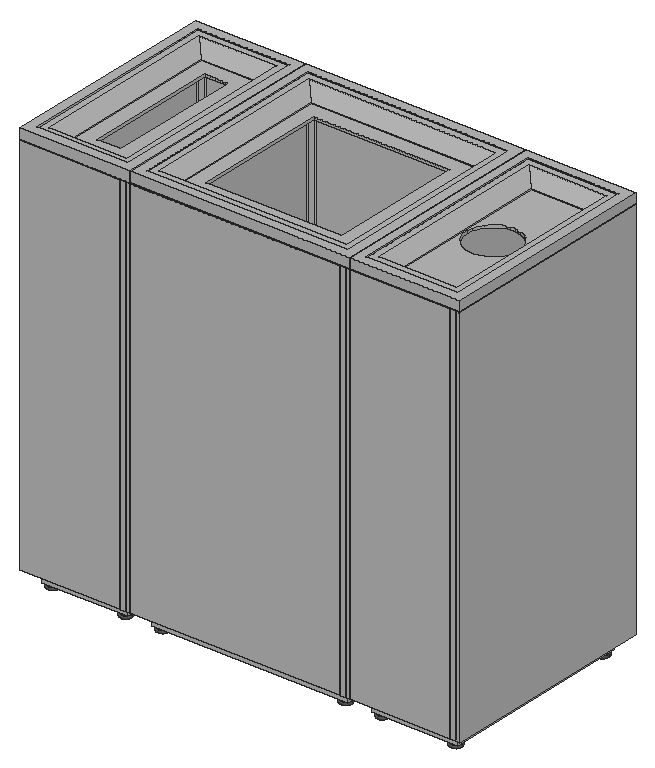
Revit family "REVIT-MG-1060-Valuta-", category Furniture, Revit 2016 (continued)
Definition of nested family "Magnuson-Valuta_1818L"
  Dimensions and locks (in)
    aligned and locked: Sweep 4 sketch curve to plane 4
    aligned and locked: plane 3 "Center (Left/Right)" to nested 1
    aligned and locked: plane 15 to Revolve 5 sketch curve
    aligned and locked: Revolve 5 sketch curve to plane 15
    aligned and locked: Revolve 8 sketch curve to plane 16
    aligned and locked: plane 16 to Revolve 8 sketch curve
    aligned and locked: plane 15 to Revolve 11 sketch curve
    aligned and locked: Revolve 11 sketch curve to plane 15
    aligned and locked: Revolve 12 sketch curve to plane 16
    aligned and locked: plane 16 to Revolve 12 sketch curve
    aligned and locked: curve 1 to Sweep 4
    aligned and locked: curve 2 to Sweep 4
    aligned and locked: curve 3 to Sweep 4
    aligned and locked: curve 4 to Sweep 4
    aligned and locked: curve 5 to Sweep 4
    aligned and locked: curve 6 to Sweep 4
    aligned and locked: curve 7 to Sweep 4
    aligned and locked: curve 8 to Sweep 4
    aligned and locked: curve 9 to Sweep 4
    aligned and locked: curve 10 to Sweep 4
    aligned and locked: curve 11 to Sweep 4
    aligned and locked: curve 12 to Sweep 4
    aligned and locked: curve 13 to Sweep 4
    aligned and locked: curve 14 to Sweep 4
    aligned and locked: curve 15 to Sweep 4
    aligned and locked: curve 16 to Sweep 4
    aligned and locked: curve 17 to Sweep 4
    aligned and locked: curve 18 to Sweep 4
    aligned and locked: plane 15 to curve 19
    aligned and locked: plane 13 to curve 19
    aligned and locked: plane 16 to curve 20
    aligned and locked: plane 13 to curve 20
    aligned and locked: plane 14 to curve 21
    aligned and locked: plane 15 to curve 21
    aligned and locked: plane 16 to curve 22
    aligned and locked: plane 14 to curve 22
    aligned and locked: plane 17 to Sweep 4 sketch curve
    aligned and locked: Extrusion 1 to plane 17
    aligned and locked: Sweep 2 sketch curve to plane 10
    aligned and locked: plane 3 "Center (Left/Right)" to nested 2
    aligned and locked: plane 8 to nested 2
    aligned and locked: plane 5 to nested 2
    aligned and locked: plane 3 "Center (Left/Right)" to Extrusion 14 sketch curve
    aligned and locked: Extrusion 14 to plane 8
    aligned and locked: curve 31 to Extrusion 14
    aligned and locked: curve 32 to Extrusion 14
    aligned and locked: curve 33 to Extrusion 1
    aligned and locked: curve 34 to Extrusion 1
  Automatic sketch dimensions
    Extrusion 1 sketch curve to plane 4 = 0"
    plane 5 to Extrusion 1 sketch curve = 0"
    Extrusion 1 sketch curve to plane 6 = 0.035"
    Extrusion 1 sketch curve to Extrusion 1 sketch curve = 0.04443"
    Extrusion 1 sketch curve to Extrusion 1 sketch curve = 0.02452"
    Sweep 2 sketch curve to plane 15 = 1/2"
    Sweep 2 sketch curve to plane 16 = 1/2"
    plane 14 to Sweep 2 sketch curve = 1/2"
    plane 13 to Sweep 2 sketch curve = 1/2"
    profile plane to Sweep 2 sketch curve = 1"
    Revolve 5 sketch curve to level = 0"
    level to Revolve 5 sketch curve = 0.08"
    plane 9 to Revolve 5 sketch curve = 0.275"
    Revolve 5 sketch curve to Revolve 5 sketch curve = 0.81571"
    plane 11 to Revolve 5 sketch curve = 0.99907"
    Revolve 8 sketch curve to level = 0"
    level to Revolve 8 sketch curve = 0.08"
    plane 9 to Revolve 8 sketch curve = 0.275"
    Revolve 8 sketch curve to Revolve 8 sketch curve = 0.81571"
    plane 11 to Revolve 8 sketch curve = 0.99907"
    Revolve 11 sketch curve to level = 0"
    Revolve 11 sketch curve to Revolve 11 sketch curve = 0.08"
    Revolve 11 sketch curve to plane 9 = 0.275"
    level to Revolve 11 sketch curve = 0.81571"
    Revolve 11 sketch curve to plane 11 = 0.99907"
    Revolve 12 sketch curve to level = 0"
    Revolve 12 sketch curve to Revolve 12 sketch curve = 0.08"
    Revolve 12 sketch curve to plane 9 = 0.275"
    level to Revolve 12 sketch curve = 0.81571"
    Revolve 12 sketch curve to plane 11 = 0.99907"
    profile plane to Sweep 4 sketch curve = 0"
    Sweep 4 sketch curve to profile plane = 3/4"
    Sweep 4 sketch curve to Sweep 4 sketch curve = 0.55862"
    Sweep 4 sketch curve to Sweep 4 sketch curve = 0.40965"
    Sweep 4 sketch curve to Sweep 4 sketch curve = 0.39209"
    Sweep 4 sketch curve to Sweep 4 sketch curve = 0.09326"
    Sweep 4 sketch curve to Sweep 4 sketch curve = 0.09065"
    Sweep 4 sketch curve to profile plane = 1/16"
    Sweep 4 sketch curve to Sweep 4 sketch curve = 1/16"
    curve 9 to plane 14 = 0.56544"
    curve 12 to curve 12 = 0.29638"
    radius of Extrusion 14 sketch curve = 1/4"
    radius of curve 19 = 0.50866"
    radius of curve 20 = 0.50866"
    radius of curve 21 = 0.50866"
    radius of curve 22 = 0.50866"
  Nested families (in)
    nested 1: "Laminate" at (0, 0, 0), Top Finish <- "Top Finish", Width <- "Width", Height <- "Height", Depth <- "Depth", Paper 45° <- "Paper 45°", Laminate <- "Laminate", Paper/Circle <- "Paper/Circle", Paper <- "Paper", Circle <- "Circle", Waste <- "Waste", Paper 45°/Circle <- "Paper/Circle 45°", Security <- "Security", Security 45° <- "Security 45°", type "Laminate"
      with Width Waste 15", Width Sec 45° 60", Width Sec 50", Width Paper 45° 40", Width Paper 30", Width Circle 0", Width 18", Waste no, W Wasted 11 1/16", Top Finish none, Security 45° no, Security no, Paper/Circle no, Paper 45°/Circle no, Paper 45° no, Paper no, P2 no, P1 no, Linea PC45° 20", Linea PC 30", Laminate yes, Height 33 3/4", Dist Waste 10", Dist Sec 45° 10", Dist Sec 10", Dist Paper 45° 10", Dist Paper 10", Dist Circle 30", Depth 18", D Wasted 11 1/16", Circle yes, C1 yes
    nested 2: "Sign Holder" at (0, 9, -6.69357), Support Finish <- "Support Finish", Sign Holder Acrylic <- "Sign Holder Acrylic", Sign Holder Magnetic <- "Sign Holder Magnetic", Acrylic Finish <- "Acrylic Finish", Magnetic Finish <- "Magnetic Finish", type "Sign Holder"
      with Support Finish none, Sign Holder Magnetic no, Sign Holder Acrylic no, Magnetic Finish none, Acrylic Finish none
  Definition of nested family "Laminate"
    Parameters (values of type "Laminate")
      Width Waste [instance] = if(Waste, 0", 15")  # 15"
      Width Sec 45° [instance] = if(Security 45°, 0", 60")  # 60"
      Width Sec [instance] = if(Security, 0", 50")  # 50"
      Width Paper 45° [instance] = if(or([Paper 45°/Circle], Paper 45°), 0", 40")  # 40"
      Width Paper [instance] = if(or([Paper/Circle], Paper), 0", 30")  # 30"
      Width Circle [instance] = if(or([Paper/Circle], [Paper 45°/Circle], Circle), 0", 25")  # 25"
      Width [instance] = 18"
      Waste [instance] = no
      W Wasted [instance] = if(and(Width = 14", Depth = 18"), 7 1/8", 11 1/16")  # 11 1/16"
      Top Finish [instance] = none
      Security 45° [instance] = no
      Security [instance] = no
      Paper 45°/Circle [instance] = no
      Paper 45° [instance] = no
      P2 [instance] = Paper  # no
      P1 [instance] = Paper 45°  # no
      Linea PC45° [instance] = if([Paper 45°/Circle], 0", 20")  # 20"
      Linea PC [instance] = if([Paper/Circle], 0", 30")  # 30"
      Laminate [instance] = no
      URL = ""
      Type Comments = ""
      Paper/Circle [instance] = no
      Paper [instance] = no
      Model = ""
      Manufacturer = ""
      Keynote = ""
      Height [instance] = 26 1/8"
      Dist Waste [instance] = if(Waste, 30", 10")  # 10"
      Dist Sec 45° [instance] = if(Security 45°, 30", 10")  # 10"
      Dist Sec [instance] = if(Security, 30", 10")  # 10"
      Dist Paper [instance] = if(or([Paper/Circle], Paper), 30", 10")  # 10"
      Dist Paper 45° [instance] = if(or([Paper 45°/Circle], Paper 45°), 30", 10")  # 10"
      Dist Circle [instance] = if(or([Paper/Circle], [Paper 45°/Circle], Circle), 30", 10")  # 10"
      Description = ""
      Depth [instance] = 18"
      D Wasted [instance] = if(and(Width = 14", Depth = 18"), 11 1/4", 11 1/16")  # 11 1/16"
      Cost = 0  # constant formula
      Circle [instance] = no
      C1 [instance] = and(Circle)  # no
      Assembly Code = ""
    Reference planes (in)
      plane 1 "Center (Front/Back)": y = 0
      plane 2: z = 0
      plane 3 "Center (Left/Right)": x = 0
      plane 4: y = -9
      plane 5: y = 9
      plane 6: x = -9
      plane 7: x = 9
      plane 8: z = 26.125
      plane 9: z = 3
      plane 10: x = 40
      plane 11: x = 30
      plane 12: x = 25
      plane 13: x = 15
      plane 14: x = -20
      plane 15: x = -30
      plane 16: x = 50
      plane 17: x = 60
    Forms (in)
      Extrusion 1, solid, material <- "Top Finish", visible <- "Laminate"
        sketch origin (0, 0, 0) x (1, 0, 0) y (0, 1, 0)
          loop
            line (-6.79638, 6.79638) -> (-6.79638, -6.79638) -> (6.79638, -6.79638) -> (6.79638, 6.79638) -> (-6.79638, 6.79638)
        from 24.76772 to 24.96772
      Extrusion 2, void
        sketch origin (0, 0, 0) x (1, 0, 0) y (0, 1, 0)
          loop
            circle (25, 0) r 2.125
        from 3 to 13
      Extrusion 3, void
        sketch origin (-27, 0, 0) x (1, 0, 0) y (0, 1, 0)
          loop
            line (61.67368, 3.91211) -> (70.91211, -5.32632) -> (72.52427, -5.52427) -> (72.32632, -3.91211) -> (63.08789, 5.32632) -> (61.47573, 5.52427) -> (61.67368, 3.91211)
        from 3 to 13
      Extrusion 4, void
        sketch origin (35, 0, 0) x (1, 0, 0) y (0, 1, 0)
          loop
            line (-6, 5.5) -> (-6, -5.5) -> (-4, -5.5) -> (-4, 5.5) -> (-6, 5.5)
        from 3 to 13
      Extrusion 5, void
        sketch origin (26, 0, 0) x (1, 0, 0) y (0, 1, 0)
          loop
            line (-16.53125, 5.53125) -> (-16.53125, -5.53125) -> (-5.46875, -5.53125) -> (-5.46875, 5.53125) -> (-16.53125, 5.53125)
        from 3 to 13
      Extrusion 6, void
        sketch origin (0, 0, 0) x (1, 0, 0) y (0, 1, 0)
          loop
            line (49.75, 5.5) -> (49.75, -5.5) -> (50.25, -5.5) -> (50.25, 5.5) -> (49.75, 5.5)
        from 3 to 13
      Extrusion 7, void
        sketch origin (0, 0, 0) x (1, 0, 0) y (0, 1, 0)
          loop
            line (54.86697, 4.77658) -> (64.7663, -5.12275) -> (65.13305, -5.13374) -> (65.12207, -4.76699) -> (55.22342, 5.13303) -> (54.86697, 5.13303) -> (54.86697, 4.77658)
        from 3 to 13
    Cuts and joins
      Extrusion 2, Extrusion 3, Extrusion 4, Extrusion 5, Extrusion 6, Extrusion 7 cuts Extrusion 1
    Lines and regions (in)
      symbolic lines, visible <- "Laminate"
        curve 1: line (6.79638, 6.79638, 0) -> (-6.79638, 6.79638, 0)
        curve 2: line (-6.79638, 6.79638, 0) -> (-6.79638, -6.79638, 0)
        curve 3: line (-6.79638, -6.79638, 0) -> (6.79638, -6.79638, 0)
        curve 4: line (6.79638, -6.79638, 0) -> (6.79638, 6.79638, 0)
      symbolic lines, visible <- "Paper 45°/Circle"
        curve 5: line (-25.52427, 5.52427, 0) -> (-25.32632, 3.91211, 0)
        curve 6: line (-25.32632, 3.91211, 0) -> (-22.03293, 0.61872, 0)
        curve 7: line (-23.91211, 5.32632, 0) -> (-25.52427, 5.52427, 0)
        curve 8: line (-14.67368, -3.91211, 0) -> (-17.96707, -0.61872, 0)
        curve 9: arc (-22.03293, 0.61872, 0) -> (-21.5026, -1.5026, 0) -> (-19.38128, -2.03293, 0) r 2.125
        curve 10: arc (-17.96707, -0.61872, 0) -> (-18.4974, 1.5026, 0) -> (-20.61872, 2.03293, 0) r 2.125
        curve 11: line (-16.08789, -5.32632, 0) -> (-14.47573, -5.52427, 0)
        curve 12: line (-14.47573, -5.52427, 0) -> (-14.67368, -3.91211, 0)
        curve 13: line (-19.38128, -2.03293, 0) -> (-16.08789, -5.32632, 0)
        curve 14: line (-20.61872, 2.03293, 0) -> (-23.91211, 5.32632, 0)
      symbolic lines, visible <- "Paper/Circle"
        curve 15: line (-31, 1.875, 0) -> (-31, 5.5, 0)
        curve 16: line (-31, 5.5, 0) -> (-29, 5.5, 0)
        curve 17: line (-29, 5.5, 0) -> (-29, 1.875, 0)
        curve 18: line (-29, -1.875, 0) -> (-29, -5.5, 0)
        curve 19: line (-29, -5.5, 0) -> (-31, -5.5, 0)
        curve 20: line (-31, -5.5, 0) -> (-31, -1.875, 0)
        curve 21: arc (-29, 1.875, 0) -> (-27.875, 0, 0) -> (-29, -1.875, 0) r 2.125
        curve 22: arc (-31, 1.875, 0) -> (-32.125, 0, 0) -> (-31, -1.875, 0) r 2.125
      symbolic lines, visible <- "C1"
        curve 23: arc (27.125, 0, 0) -> (25, 2.125, 0) -> (22.875, 0, 0) r 2.125
        curve 24: arc (22.875, 0, 0) -> (25, -2.125, 0) -> (27.125, 0, 0) r 2.125
      symbolic lines, visible <- "P2"
        curve 25: line (29, 5.5, 0) -> (29, -5.5, 0)
        curve 26: line (31, -5.5, 0) -> (31, 5.5, 0)
        curve 27: line (31, 5.5, 0) -> (29, 5.5, 0)
        curve 28: line (29, -5.5, 0) -> (31, -5.5, 0)
      symbolic lines, visible <- "P1"
        curve 29: line (34.67368, 3.91211, 0) -> (43.91211, -5.32632, 0)
        curve 30: line (43.91211, -5.32632, 0) -> (45.52427, -5.52427, 0)
        curve 31: line (45.52427, -5.52427, 0) -> (45.32632, -3.91211, 0)
        curve 32: line (45.32632, -3.91211, 0) -> (36.08789, 5.32632, 0)
        curve 33: line (36.08789, 5.32632, 0) -> (34.47573, 5.52427, 0)
        curve 34: line (34.47573, 5.52427, 0) -> (34.67368, 3.91211, 0)
      symbolic lines, visible <- "Waste"
        curve 35: line (20.53125, 5.53125, 0) -> (9.46875, 5.53125, 0)
        curve 36: line (9.46875, 5.53125, 0) -> (9.46875, -5.53125, 0)
        curve 37: line (20.53125, -5.53125, 0) -> (20.53125, 5.53125, 0)
        curve 38: line (9.46875, -5.53125, 0) -> (20.53125, -5.53125, 0)
      symbolic lines, visible <- "Security"
        curve 39: line (49.75, 5.5, 0) -> (49.75, -5.5, 0)
        curve 40: line (50.25, 5.5, 0) -> (49.75, 5.5, 0)
        curve 41: line (50.25, -5.5, 0) -> (50.25, 5.5, 0)
        curve 42: line (49.75, -5.5, 0) -> (50.25, -5.5, 0)
      symbolic lines, visible <- "Security 45°"
        curve 43: line (54.86697, 4.77658, 0) -> (64.7663, -5.12275, 0)
        curve 44: line (64.7663, -5.12275, 0) -> (65.13305, -5.13374, 0)
        curve 45: line (65.13305, -5.13374, 0) -> (65.12207, -4.76699, 0)
        curve 46: line (65.12207, -4.76699, 0) -> (55.22342, 5.13303, 0)
        curve 47: line (54.86697, 5.13303, 0) -> (54.86697, 4.77658, 0)
        curve 48: line (55.22342, 5.13303, 0) -> (54.86697, 5.13303, 0)
    Dimensions and locks (in)
      equal spacing: plane 5, plane 1 "Center (Front/Back)", plane 4
      "Depth": plane 5 to plane 4
      equal spacing: plane 6, plane 3 "Center (Left/Right)", plane 7
      "Width": plane 6 to plane 7
      "Height": plane 8 to plane 2
      plane 8 to Extrusion 1 to Extrusion 1 = 1.15728" locked, 0.2" locked
      locked: Extrusion 1 sketch curve to plane 5 at 2.20362
      locked: Extrusion 1 sketch curve to plane 7 at 2.20362
      locked: plane 6 to Extrusion 1 sketch curve at 2.20362
      locked: Extrusion 1 sketch curve to plane 4 at 2.20362
      plane 9 to level = 3"
      "Dist Circle": Extrusion 2 to plane 9
      "Dist Paper 45°": Extrusion 3 to plane 9
      "Dist Paper": Extrusion 4 to plane 9
      "Dist Waste": Extrusion 5 to plane 9
      Extrusion 3 sketch curve to Extrusion 3 sketch curve to Extrusion 3 sketch curve to plane 10 to Extrusion 3 sketch curve to Extrusion 3 sketch curve to Extrusion 3 sketch curve = 0.19795" locked, 1.41421" locked, 3.91211" locked, 3.91211" locked, 1.41421" locked, 0.19795" locked
      equal spacing: Extrusion 4 sketch curve, plane 1 "Center (Front/Back)", Extrusion 4 sketch curve, locked at 5.5 each
      equal spacing: Extrusion 4 sketch curve, plane 11, Extrusion 4 sketch curve, locked at 1 each
      "Width Paper": plane 3 "Center (Left/Right)" to plane 11
      "Width Circle": plane 3 "Center (Left/Right)" to plane 12
      equal spacing: Extrusion 5 sketch curve, plane 13, Extrusion 5 sketch curve
      "W Wasted": Extrusion 5 sketch curve to Extrusion 5 sketch curve
      equal spacing: Extrusion 5 sketch curve, plane 1 "Center (Front/Back)", Extrusion 5 sketch curve
      "D Wasted": Extrusion 5 sketch curve to Extrusion 5 sketch curve
      "Width Waste": plane 3 "Center (Left/Right)" to plane 13
      "Width Paper 45°": plane 3 "Center (Left/Right)" to plane 10
      curve 7 to curve 6 to curve 14 to curve 9 to curve 14 to plane 14 = 0.19795" locked, 1.41421" locked, 1.87918" locked, 1.41421" locked, 0.61872" locked
      plane 14 to curve 13 to curve 10 to curve 13 to curve 12 to curve 12 = 0.61872" locked, 1.41421" locked, 1.87918" locked, 1.41421" locked, 0.19795" locked
      "Linea PC45°": plane 14 to plane 3 "Center (Left/Right)"
      "Linea PC": plane 15 to plane 3 "Center (Left/Right)"
      equal spacing: curve 15, plane 15, curve 17
      equal spacing: curve 20, plane 15, curve 18
      equal spacing: Extrusion 6 sketch curve, plane 16, Extrusion 6 sketch curve, locked at 0.25 each
      Extrusion 6 sketch curve to plane 1 "Center (Front/Back)" to Extrusion 6 sketch curve = 5 1/2" locked, 5 1/2" locked
      "Dist Sec": Extrusion 6 to plane 9
      "Width Sec": plane 3 "Center (Left/Right)" to plane 16
      Extrusion 7 sketch curve to Extrusion 7 sketch curve to Extrusion 7 sketch curve to plane 17 to Extrusion 7 sketch curve to Extrusion 7 sketch curve to Extrusion 7 sketch curve = 0.01098" locked, 0.35576" locked, 4.7663" locked, 4.77658" locked, 0.35645" locked, 0" locked
      Extrusion 7 sketch curve to Extrusion 7 sketch curve to Extrusion 7 sketch curve to plane 1 "Center (Front/Back)" to Extrusion 7 sketch curve to Extrusion 7 sketch curve to Extrusion 7 sketch curve = 0.01098" locked, 0.35576" locked, 4.76699" locked, 4.77658" locked, 0.35645" locked, 0" locked
      "Dist Sec 45°": Extrusion 7 to plane 9
      "Width Sec 45°": plane 3 "Center (Left/Right)" to plane 17
      aligned and locked: level to plane 2
      aligned and locked: Extrusion 2 to plane 9
      aligned and locked: Extrusion 3 to plane 9
      aligned and locked: Extrusion 4 to plane 9
      aligned and locked: Extrusion 5 to plane 9
      aligned and locked: plane 12 to Extrusion 2 sketch curve
      aligned and locked: plane 1 "Center (Front/Back)" to Extrusion 2 sketch curve
      aligned and locked: curve 1 to cut or joined group of Extrusion 1, Extrusion 2, Extrusion 3, Extrusion 4, Extrusion 5, Extrusion 6, Extrusion 7
      aligned and locked: curve 2 to cut or joined group of Extrusion 1, Extrusion 2, Extrusion 3, Extrusion 4, Extrusion 5, Extrusion 6, Extrusion 7
      aligned and locked: curve 3 to cut or joined group of Extrusion 1, Extrusion 2, Extrusion 3, Extrusion 4, Extrusion 5, Extrusion 6, Extrusion 7
      aligned and locked: curve 4 to cut or joined group of Extrusion 1, Extrusion 2, Extrusion 3, Extrusion 4, Extrusion 5, Extrusion 6, Extrusion 7
      aligned and locked: plane 14 to curve 10
      aligned and locked: plane 1 "Center (Front/Back)" to curve 10
      aligned and locked: plane 14 to curve 9
      aligned and locked: plane 1 "Center (Front/Back)" to curve 9
      aligned and locked: plane 15 to curve 21
      aligned and locked: plane 1 "Center (Front/Back)" to curve 21
      aligned and locked: plane 15 to curve 22
      aligned and locked: plane 1 "Center (Front/Back)" to curve 22
      aligned and locked: curve 23 to Extrusion 2
      aligned and locked: curve 24 to Extrusion 2
      aligned and locked: curve 25 to Extrusion 4
      aligned and locked: curve 26 to Extrusion 4
      aligned and locked: curve 29 to Extrusion 3
      aligned and locked: curve 30 to Extrusion 3
      aligned and locked: curve 31 to Extrusion 3
      aligned and locked: curve 32 to Extrusion 3
      aligned and locked: curve 33 to Extrusion 3
      aligned and locked: curve 34 to Extrusion 3
      aligned and locked: curve 35 to Extrusion 5
      aligned and locked: curve 36 to Extrusion 5
      aligned and locked: curve 37 to Extrusion 5
      aligned and locked: curve 38 to Extrusion 5
      aligned and locked: curve 27 to Extrusion 4
      aligned and locked: curve 28 to Extrusion 4
      aligned and locked: Extrusion 6 to plane 9
      aligned and locked: curve 39 to Extrusion 6
      aligned and locked: curve 40 to Extrusion 6
      aligned and locked: curve 41 to Extrusion 6
      aligned and locked: curve 42 to Extrusion 6
      aligned and locked: Extrusion 7 to plane 9
      aligned and locked: curve 43 to Extrusion 7
      aligned and locked: curve 44 to Extrusion 7
      aligned and locked: curve 45 to Extrusion 7
      aligned and locked: curve 46 to Extrusion 7
      aligned and locked: curve 47 to Extrusion 7
      aligned and locked: curve 48 to Extrusion 7
    Automatic sketch dimensions
      plane 4 to Extrusion 3 sketch curve = 3.47573"
      Extrusion 3 sketch curve to Extrusion 3 sketch curve = 0.19795"  (x2)
      Extrusion 3 sketch curve to Extrusion 3 sketch curve = 1.61216"
      Extrusion 3 sketch curve to plane 1 "Center (Front/Back)" = 3.91211"
      Extrusion 3 sketch curve to Extrusion 3 sketch curve = 1.41421"
      plane 4 to Extrusion 4 sketch curve = 3 1/2"
      plane 11 to Extrusion 4 sketch curve = 1"
      plane 4 to curve 19 = 3 1/2"
      plane 4 to curve 12 = 3.47573"
      curve 11 to curve 11 = 0.19795"
      curve 11 to curve 8 = 1.61216"
      plane 1 "Center (Front/Back)" to curve 13 = 2.03293"
      plane 1 "Center (Front/Back)" to curve 18 = 1 7/8"
      plane 1 "Center (Front/Back)" to curve 20 = 1 7/8"
      plane 1 "Center (Front/Back)" to curve 8 = 0.61872"
      curve 6 to plane 1 "Center (Front/Back)" = 3.91211"
      curve 5 to curve 7 = 1.41421"
      curve 5 to curve 7 = 1.61216"
      plane 5 to curve 16 = 3 1/2"
      plane 15 to curve 15 = 1"
      plane 15 to curve 19 = 1"
      Extrusion 6 sketch curve to plane 16 = 1/4"
      radius of Extrusion 2 sketch curve = 2 1/8"
  Definition of nested family "Sign Holder"
    Parameters (values of type "Sign Holder")
      Support Finish [instance] = none
      Sign Holder Magnetic [instance] = yes
      Sign Holder Acrylic [instance] = yes
      Magnetic Finish [instance] = none
      Acrylic Finish [instance] = none
    Reference planes (in)
      plane 1 "Center (Front/Back)": y = 0
      plane 2: z = 0
      plane 3 "Center (Left/Right)": x = 0
      plane 4: x = -4.34375
      plane 5: x = 4.34375
      plane 6: y = 3.01425
      plane 7: z = 40.44357
      plane 8: z = 30.38104
      plane 9: z = 51.63018
    Forms (in)
      Extrusion 1, solid, material <- "Support Finish", visible <- "Sign Holder Acrylic"
        sketch origin (0, 0, 0) x (0, 1, 0) y (0, 0, 1)
          loop
            line (0, 30.38104) -> (0.11434, 30.38104) -> (0.11434, 40.41393) -> (3.01425, 51.60054) -> (2.8999, 51.63018) -> (0, 40.44357) -> (0, 30.38104)
        from -4.34375 to 4.34375
      Extrusion 2, solid, material <- "Acrylic Finish", visible <- "Sign Holder Acrylic"
        sketch origin (0, 0, 0) x (0, 1, 0) y (0, 0, 1)
          loop
            line (-0.07089, 40.484) -> (0.00535, 40.46423) -> (2.89111, 51.59628) -> (2.81487, 51.61604) -> (-0.07089, 40.484)
        from -4.31158 to 4.30579
      Extrusion 3, solid, material <- "Support Finish", visible <- "Sign Holder Magnetic"
        sketch origin (0, 0, 0) x (0, 1, 0) y (0, 0, 1)
          loop
            line (0, 30.38104) -> (0.11434, 30.38104) -> (0.11434, 40.41393) -> (3.01425, 51.60054) -> (2.8999, 51.63018) -> (0, 40.44357) -> (0, 30.38104)
        from -4.34375 to 4.34375
      Extrusion 4, solid, material <- "Magnetic Finish", visible <- "Sign Holder Magnetic"
        sketch origin (0, 0, 0) x (0, 1, 0) y (0, 0, 1)
          loop
            line (-0.02562, 40.47226) -> (0.00535, 40.46423) -> (2.89111, 51.59628) -> (2.86014, 51.60431) -> (-0.02562, 40.47226)
        from -4.31158 to 4.30579
    Lines and regions (in)
      symbolic lines, visible <- "Sign Holder Acrylic"
        curve 1: line (-4.31158, -0.07089, 0) -> (4.30579, -0.07089, 0)
        curve 2: line (-4.31158, 2.89111, 0) -> (-4.31158, -0.07089, 0)
        curve 3: line (4.30579, 2.89111, 0) -> (-4.31158, 2.89111, 0)
        curve 4: line (4.30579, -0.07089, 0) -> (4.30579, 2.89111, 0)
        curve 5: line (4.30579, 2.81487, 0) -> (-4.31158, 2.81487, 0)
        curve 6: line (-4.34375, 3.01425, 0) -> (4.34375, 3.01425, 0)
        curve 7: line (4.34375, 3.01425, 0) -> (4.34375, 0, 0)
        curve 8: line (4.34375, 0, 0) -> (4.30579, 0, 0)
        curve 9: line (-4.34375, 0, 0) -> (-4.34375, 3.01425, 0)
        curve 10: line (-4.34375, 0, 0) -> (-4.31158, 0, 0)
        curve 11: line (-4.34375, 2.8999, 0) -> (4.34375, 2.8999, 0)
      symbolic lines, visible <- "Sign Holder Magnetic"
        curve 12: line (-4.34375, 3.01425, 0) -> (4.34375, 3.01425, 0)
        curve 13: line (4.34375, 3.01425, 0) -> (4.34375, 0, 0)
        curve 14: line (4.34375, 0, 0) -> (4.30579, 0, 0)
        curve 15: line (-4.34375, 0, 0) -> (-4.34375, 3.01425, 0)
        curve 16: line (-4.34375, 0, 0) -> (-4.31158, 0, 0)
        curve 17: line (-4.34375, 2.8999, 0) -> (4.34375, 2.8999, 0)
        curve 18: line (4.30579, 2.86014, 0) -> (-4.31158, 2.86014, 0)
        curve 19: line (-4.31158, 2.89111, 0) -> (4.30579, 2.89111, 0)
        curve 20: line (-4.31158, 2.89111, 0) -> (-4.31158, -0.02562, 0)
        curve 21: line (4.30579, -0.02562, 0) -> (4.30579, 2.89111, 0)
        curve 22: line (-4.31158, -0.02562, 0) -> (4.30579, -0.02562, 0)
    Dimensions and locks (in)
      aligned and locked: plane 2 to level
      aligned and locked: Extrusion 1 to plane 4
      aligned and locked: Extrusion 1 to plane 5
      aligned and locked: curve 18 to Extrusion 4
      aligned and locked: curve 19 to Extrusion 4
      aligned and locked: curve 20 to Extrusion 4
      aligned and locked: curve 21 to Extrusion 4
      aligned and locked: curve 22 to Extrusion 4
